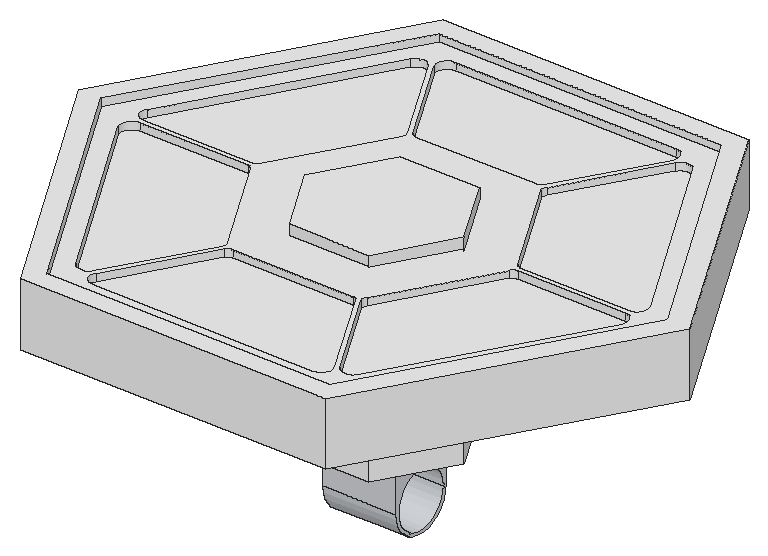
Revit family "Lighting-Industrial-GEWISS-ESALITE-HB-HIGHBAYS-LED_12K_DALI", category Apparecchi per illuminazione, host Superficie, Revit 2019
Family settings
  Host = Superficie
  Quota connettore circolare = Usa diametro
  Tipo di parte = Normale
  Taglio con vuoti quando caricato = No
  Sorgente d'illuminazione = No
  Condiviso = No
  Punto di calcolo locali = Sì
Parameters (values of type "GWS6325GD57K - ESALITE 12K ELL.5700K PLAF+V GR.DALI")
  Weight (kg): = "7,5"
  Warranty = "5 years"
  Voltage- = "220/240 V - 50/60 Hz"
  Versions = "5700K cold light"
  Version file RFA = "20.11"
  VISIBILITA' SIMBOLO [instance] = yes
  VISIBILITA' LAMPADA PIANTA [instance] = not(VISIBILITA' SIMBOLO)  # no
  VISIBILITA' ETICHETTA [instance] = yes
  URL = "https://www.gewiss.com/ww/en"
  Technical sheet = "https://www.gewiss.com/ww/en/search?q=GWS6325GD57K"
  System power = "112W"
  Spostamento_y_effettivo_ET [instance] = 4000 mm - Spostamento_y_ET  # 2119.2 mm
  Spostamento_y_ET [instance] = 1880.8 mm
  Spostamento_X_effettivo_ET [instance] = 4000 mm - Spostamento_X_ET  # 3850.612 mm
  Spostamento_X_ET [instance] = 149.388 mm
  Shock resistance = "IK08"
  Shield type = "Tempered glass"
  SEO = "High bay"
  Realized by GEWISS S.p.A. = ""
  Default Elevation = 1219.2 mm
  Produttore = "GEWISS S.p.A."
  Potenza di sitema = "Wxxx"
  Overvoltage resistance : = "Common mode: 8KV; Differential mode: 6KV"
  Optic = "Elliptical"
  Operating temperature: = "-30 +50 °C"
  Nominal flux (lm) = "15000"
  Modello = "GWS6325GD57K"
  Lumen output (lm) = "11900"
  Life time L90B10 (Tq 50Â°C) = "61000H"
  Life time L90B10 (Tq 25Â°C) = "100000H"
  Lamp- = "LED - Not replaceable"
  LED current. = "0,7A"
  Insulation class = "I"
  Immagine tipo = ESALITE_HB.jpg
  IP degree = "IP66"
  IDT = "d2a2d3dfc1284762950272393a169f1b"
  IDF = "27df9291-4fa5-4157-aec6-67e9a44e4e30"
  Electrocod = "2444"
  Efficiency class of integrated LEDs = "A ÷ A++"
  Driver type = "Driver Led Dali"
  Descrizione = "ESALITE 12K ELL.5700K PLAF+V GR.DALI"
  Colour temperature: = "5700 K (CRI>80)"
  Colour = "Grey RAL 9006"
  Catalogue Range = "ESALITE HB - 12K"
  Catalogue = "LIGHTING"
  COBie.Tagnumber = ""
  COBie.CreatedOn = ""
  COBie.CreatebBy = ""
  COBie.ComponentRegisterItemID = ""
  COBie.Component.TagNumber = ""
  COBie.Component.Space = ""
  COBie.Component.SerialNumber = ""
  COBie.Component.InstallationDate = ""
  COBie.Component.Description = ""
  COBie.Component.BarCode = ""
  Application = "Indoor / Outdoor"
Types (25, lengths in mm): name | Versions | Technical sheet | Shock resistance | Shield type | Optic | Nominal flux (lm) | Modello | Lumen output (lm) | IP degree | IDT | Descrizione | Colour temperature: | Application
  (no name) | "5700K cold light" | "https://www.gewiss.com/ww/en/search?q=GWS6325GD57K" | "IK08" | "Tempered glass" | "Elliptical" | "15000" | "GWS6325GD57K" | "11900" | "IP66" | "d2a2d3dfc1284762950272393a169f1b" | "ESALITE 12K ELL.5700K PLAF+V GR.DALI" | "5700 K (CRI>80)" | "Indoor / Outdoor"
  GWS6022GD - ESALITE 12K 30° 4000K PLAF.GR.DALI | "4000K natural light" | "https://www.gewiss.com/ww/en/search?q=GWS6022GD" | "IK06" | "Plastic" | "30°" | "15000" | "GWS6022GD" | "12700" | "IP65" | "35b3cf4b197f43218aa022e5f522abfe" | "ESALITE 12K 30° 4000K PLAF.GR.DALI" | "4000 K (CRI>80)" | "Internal"
  GWS6022GD30K - ESALITE 12K 30° 3000K PLAF.GR.DALI | "3000K warm light" | "https://www.gewiss.com/ww/en/search?q=GWS6022GD30K" | "IK06" | "Plastic" | "30°" | "14000" | "GWS6022GD30K" | "11800" | "IP65" | "d9dabff4fe354637b428eef978409a19" | "ESALITE 12K 30° 3000K PLAF.GR.DALI" | "3000 K (CRI>80)" | "Internal"
  GWS6022GD57K - ESALITE 12K 30° 5700K PLAF.GR.DALI | "5700K cold light" | "https://www.gewiss.com/ww/en/search?q=GWS6022GD57K" | "IK06" | "Plastic" | "30°" | "15000" | "GWS6022GD57K" | "12700" | "IP65" | "250b75d768914a3a877e7a7345f21ac5" | "ESALITE 12K 30° 5700K PLAF.GR.DALI" | "5700 K (CRI>80)" | "Internal"
  GWS6023GD - ESALITE 12K 60° 4000K PLAF.GR.DALI | "4000K natural light" | "https://www.gewiss.com/ww/en/search?q=GWS6023GD" | "IK06" | "Plastic" | "60°" | "15000" | "GWS6023GD" | "12900" | "IP65" | "a29d7323ae0e4980a59da40686718188" | "ESALITE 12K 60° 4000K PLAF.GR.DALI" | "4000 K (CRI>80)" | "Internal"
  GWS6023GD30K - ESALITE 12K 60° 3000K PLAF.GR.DALI | "3000K warm light" | "https://www.gewiss.com/ww/en/search?q=GWS6023GD30K" | "IK06" | "Plastic" | "60°" | "14000" | "GWS6023GD30K" | "12000" | "IP65" | "3c9c3b9704d648ec95ec8e39f1ca697b" | "ESALITE 12K 60° 3000K PLAF.GR.DALI" | "3000 K (CRI>80)" | "Internal"
  GWS6023GD57K - ESALITE 12K 60° 5700K PLAF.GR.DALI | "5700K cold light" | "https://www.gewiss.com/ww/en/search?q=GWS6023GD57K" | "IK06" | "Plastic" | "60°" | "15000" | "GWS6023GD57K" | "12900" | "IP65" | "29016f5b746f49908b1169b1b3ad188b" | "ESALITE 12K 60° 5700K PLAF.GR.DALI" | "5700 K (CRI>80)" | "Internal"
  GWS6024GD - ESALITE 12K 90° 4000K PLAF.GR.DALI | "4000K natural light" | "https://www.gewiss.com/ww/en/search?q=GWS6024GD" | "IK06" | "Plastic" | "90°" | "15000" | "GWS6024GD" | "13700" | "IP65" | "7b6ded07cde44c9ea3f06fae6809de86" | "ESALITE 12K 90° 4000K PLAF.GR.DALI" | "4000 K (CRI>80)" | "Internal"
  GWS6024GD30K - ESALITE 12K 90° 3000K PLAF.GR.DALI | "3000K warm light" | "https://www.gewiss.com/ww/en/search?q=GWS6024GD30K" | "IK06" | "Plastic" | "90°" | "14000" | "GWS6024GD30K" | "12800" | "IP65" | "6ae77283cf3f4ccfbb661844f8ea5737" | "ESALITE 12K 90° 3000K PLAF.GR.DALI" | "3000 K (CRI>80)" | "Internal"
  GWS6024GD57K - ESALITE 12K 90° 5700K PLAF.GR.DALI | "5700K cold light" | "https://www.gewiss.com/ww/en/search?q=GWS6024GD57K" | "IK06" | "Plastic" | "90°" | "15000" | "GWS6024GD57K" | "13700" | "IP65" | "a9e46dc92eaf4a0dbec7e9181be0d6c7" | "ESALITE 12K 90° 5700K PLAF.GR.DALI" | "5700 K (CRI>80)" | "Internal"
  GWS6025GD - ESALITE 12K ELL.4000K PLAF.GR.DALI | "4000K natural light" | "https://www.gewiss.com/ww/en/search?q=GWS6025GD" | "IK06" | "Plastic" | "Elliptical" | "15000" | "GWS6025GD" | "12900" | "IP65" | "b2f800c1082d4f3492669209874a42bb" | "ESALITE 12K ELL.4000K PLAF.GR.DALI" | "4000 K (CRI>80)" | "Internal"
  GWS6025GD30K - ESALITE 12K ELL.3000K PLAF.GR.DALI | "3000K warm light" | "https://www.gewiss.com/ww/en/search?q=GWS6025GD30K" | "IK06" | "Plastic" | "Elliptical" | "14000" | "GWS6025GD30K" | "12000" | "IP65" | "6270431cdf114224b484530e05ad32b3" | "ESALITE 12K ELL.3000K PLAF.GR.DALI" | "3000 K (CRI>80)" | "Internal"
  GWS6025GD57K - ESALITE 12K ELL.5700K PLAF.GR.DALI | "5700K cold light" | "https://www.gewiss.com/ww/en/search?q=GWS6025GD57K" | "IK06" | "Plastic" | "Elliptical" | "15000" | "GWS6025GD57K" | "12900" | "IP65" | "84eac9971497492e92781f631ff72047" | "ESALITE 12K ELL.5700K PLAF.GR.DALI" | "5700 K (CRI>80)" | "Internal"
  GWS6322GD - ESALITE 12K 30° 4000K PLAF+V GR.DALI | "4000K natural light" | "https://www.gewiss.com/ww/en/search?q=GWS6322GD" | "IK08" | "Tempered glass" | "30°" | "15000" | "GWS6322GD" | "11600" | "IP66" | "286c5400690d43b989d03c0f12888485" | "ESALITE 12K 30° 4000K PLAF+V GR.DALI" | "4000 K (CRI>80)" | "Indoor / Outdoor"
  GWS6322GD30K - ESALITE 12K 30° 3000K PLAF+V GR.DALI | "3000K warm light" | "https://www.gewiss.com/ww/en/search?q=GWS6322GD30K" | "IK08" | "Tempered glass" | "30°" | "14000" | "GWS6322GD30K" | "10800" | "IP66" | "9f46472fa7b74f00916ffd5d2fcfe1eb" | "ESALITE 12K 30° 3000K PLAF+V GR.DALI" | "3000 K (CRI>80)" | "Indoor / Outdoor"
  GWS6322GD57K - ESALITE 12K 30° 5700K PLAF+V GR.DALI | "5700K cold light" | "https://www.gewiss.com/ww/en/search?q=GWS6322GD57K" | "IK08" | "Tempered glass" | "30°" | "15000" | "GWS6322GD57K" | "11600" | "IP66" | "f0ed51fe954f4075be4624d5df5070e0" | "ESALITE 12K 30° 5700K PLAF+V GR.DALI" | "5700 K (CRI>80)" | "Indoor / Outdoor"
  GWS6323GD - ESALITE 12K 60° 4000K PLAF+V GR.DALI | "4000K natural light" | "https://www.gewiss.com/ww/en/search?q=GWS6323GD" | "IK08" | "Tempered glass" | "60°" | "15000" | "GWS6323GD" | "11900" | "IP66" | "da79f6129fbc4d5d8e1f04758039e2dd" | "ESALITE 12K 60° 4000K PLAF+V GR.DALI" | "4000 K (CRI>80)" | "Indoor / Outdoor"
  GWS6323GD30K - ESALITE 12K 60° 3000K PLAF+V GR.DALI | "3000K warm light" | "https://www.gewiss.com/ww/en/search?q=GWS6323GD30K" | "IK08" | "Tempered glass" | "60°" | "14000" | "GWS6323GD30K" | "11100" | "IP66" | "64be8db373934211ab47de8d9e88dad0" | "ESALITE 12K 60° 3000K PLAF+V GR.DALI" | "3000 K (CRI>80)" | "Indoor / Outdoor"
  GWS6323GD57K - ESALITE 12K 60° 5700K PLAF+V GR.DALI | "5700K cold light" | "https://www.gewiss.com/ww/en/search?q=GWS6323GD57K" | "IK08" | "Tempered glass" | "60°" | "15000" | "GWS6323GD57K" | "11900" | "IP66" | "b8a45e090a9e4cbd9c2f0cf7f1902321" | "ESALITE 12K 60° 5700K PLAF+V GR.DALI" | "5700 K (CRI>80)" | "Indoor / Outdoor"
  GWS6324GD - ESALITE 12K 90° 4000K PLAF+V GR.DALI | "4000K natural light" | "https://www.gewiss.com/ww/en/search?q=GWS6324GD" | "IK08" | "Tempered glass" | "90°" | "15000" | "GWS6324GD" | "12700" | "IP66" | "56af3f2275354d0290d0cde73c975edc" | "ESALITE 12K 90° 4000K PLAF+V GR.DALI" | "4000 K (CRI>80)" | "Indoor / Outdoor"
  GWS6324GD30K - ESALITE 12K 90° 3000K PLAF+V GR.DALI | "3000K warm light" | "https://www.gewiss.com/ww/en/search?q=GWS6324GD30K" | "IK08" | "Tempered glass" | "90°" | "14000" | "GWS6324GD30K" | "11800" | "IP66" | "f2373e1a56d34de0b6b49f1227ee2fe5" | "ESALITE 12K 90° 3000K PLAF+V GR.DALI" | "3000 K (CRI>80)" | "Indoor / Outdoor"
  GWS6324GD57K - ESALITE 12K 90° 5700K PLAF+V GR.DALI | "5700K cold light" | "https://www.gewiss.com/ww/en/search?q=GWS6324GD57K" | "IK08" | "Tempered glass" | "90°" | "15000" | "GWS6324GD57K" | "12700" | "IP66" | "9431336567a3401daab1b0215021535d" | "ESALITE 12K 90° 5700K PLAF+V GR.DALI" | "5700 K (CRI>80)" | "Indoor / Outdoor"
  GWS6325GD - ESALITE 12K ELL.4000K PLAF+V GR.DALI | "4000K natural light" | "https://www.gewiss.com/ww/en/search?q=GWS6325GD" | "IK08" | "Tempered glass" | "Elliptical" | "15000" | "GWS6325GD" | "11900" | "IP66" | "3d2f8917f2a445ecac5bf7815467f40f" | "ESALITE 12K ELL.4000K PLAF+V GR.DALI" | "4000 K (CRI>80)" | "Indoor / Outdoor"
  GWS6325GD30K - ESALITE 12K ELL.3000K PLAF+V GR.DALI | "3000K warm light" | "https://www.gewiss.com/ww/en/search?q=GWS6325GD30K" | "IK08" | "Tempered glass" | "Elliptical" | "14000" | "GWS6325GD30K" | "11100" | "IP66" | "98483d415e854f22885ef60d311d9135" | "ESALITE 12K ELL.3000K PLAF+V GR.DALI" | "3000 K (CRI>80)" | "Indoor / Outdoor"
  GWS6325GD57K - ESALITE 12K ELL.5700K PLAF+V GR.DALI | "5700K cold light" | "https://www.gewiss.com/ww/en/search?q=GWS6325GD57K" | "IK08" | "Tempered glass" | "Elliptical" | "15000" | "GWS6325GD57K" | "11900" | "IP66" | "d2a2d3dfc1284762950272393a169f1b" | "ESALITE 12K ELL.5700K PLAF+V GR.DALI" | "5700 K (CRI>80)" | "Indoor / Outdoor"
Reference planes
  plane 1 "Centro (Fronte/Retro)": y = 0
  plane 2: z = 0
  plane 3 "Centro (Sinistra/Destra)": x = 0
  plane 4: z = 123
  plane 5: x = 0
  plane 6: x = -3850.612
  plane 7: y = -2119.2
  plane 8: y = 0
  plane 9: through (-1779.2, -702.001, 1219.2) normal (0.4695, 0.8829, 0)
  plane 10: through (203.705, -1575.119, 1219.2) normal (-0.866, 0.5, 0)
  plane 11: x = -217.137
  plane 12: x = 217.137
  plane 13: y = 188.046
  plane 14: y = -188.046
Lines and regions (mm)
  symbolic lines, visible <- "VISIBILITA' LAMPADA PIANTA"
    curve 1: line (-11.642, 188.046, 0) -> (-11.642, 193.046, 0)
    curve 2: line (96.926, 188.046, 0) -> (-120.211, 188.046, 0)
    curve 3: line (-120.211, 188.046, 0) -> (-228.779, 0, 0)
    curve 4: line (-228.779, 0, 0) -> (-120.211, -188.046, 0)
    curve 5: line (-120.211, -188.046, 0) -> (96.926, -188.046, 0)
    curve 6: line (96.926, -188.046, 0) -> (205.494, 0, 0)
    curve 7: line (205.494, 0, 0) -> (96.926, 188.046, 0)
    curve 8: line (-112.377, 174.478, 0) -> (89.093, 174.478, 0)
    curve 9: line (89.093, 174.478, 0) -> (189.827, 0, 0)
    curve 10: line (189.827, 0, 0) -> (89.093, -174.478, 0)
    curve 11: line (89.093, -174.478, 0) -> (-112.377, -174.478, 0)
    curve 12: line (-112.377, -174.478, 0) -> (-213.112, 0, 0)
    curve 13: line (-213.112, 0, 0) -> (-112.377, 174.478, 0)
    curve 14: line (-90.152, 161.48, 0) -> (66.867, 161.48, 0)
    curve 15: arc (66.867, 161.48, 0) -> (73.365, 157.725, 0) -> (73.355, 150.22, 0) r 7.499
    curve 16: line (73.355, 150.22, 0) -> (35.117, 83.99, 0)
    curve 17: arc (35.117, 83.99, 0) -> (33.287, 82.16, 0) -> (30.788, 81.49, 0) r 4.999
    curve 18: line (30.788, 81.49, 0) -> (-54.072, 81.49, 0)
    curve 19: arc (-54.072, 81.49, 0) -> (-56.572, 82.16, 0) -> (-58.402, 83.99, 0) r 4.999
    curve 20: line (-58.402, 83.99, 0) -> (-96.653, 150.242, 0)
    curve 21: arc (-96.653, 150.242, 0) -> (-96.643, 157.736, 0) -> (-90.152, 161.48, 0) r 7.499
    curve 22: line (-190.736, 12.76, 0) -> (-112.239, 148.72, 0)
    curve 23: arc (-112.239, 148.72, 0) -> (-105.751, 152.481, 0) -> (-99.25, 148.742, 0) r 7.499
    curve 24: line (-99.25, 148.742, 0) -> (-61.001, 82.492, 0)
    curve 25: arc (-61.001, 82.492, 0) -> (-60.33, 79.991, 0) -> (-61, 77.49, 0) r 4.999
    curve 26: line (-61, 77.49, 0) -> (-103.429, 4, 0)
    curve 27: arc (-103.429, 4, 0) -> (-105.259, 2.17, 0) -> (-107.759, 1.5, 0) r 4.999
    curve 28: line (-107.759, 1.5, 0) -> (-184.248, 1.5, 0)
    curve 29: arc (-184.248, 1.5, 0) -> (-190.746, 5.255, 0) -> (-190.736, 12.76, 0) r 7.499
    curve 30: line (-190.749, -12.737, 0) -> (-112.227, -148.742, 0)
    curve 31: arc (-112.227, -148.742, 0) -> (-105.738, -152.48, 0) -> (-99.25, -148.742, 0) r 7.499
    curve 32: line (-99.25, -148.742, 0) -> (-61, -82.489, 0)
    curve 33: arc (-61, -82.489, 0) -> (-60.33, -79.99, 0) -> (-61, -77.49, 0) r 4.999
    curve 34: line (-61, -77.49, 0) -> (-103.429, -3.999, 0)
    curve 35: arc (-103.429, -3.999, 0) -> (-105.259, -2.169, 0) -> (-107.759, -1.5, 0) r 4.999
    curve 36: line (-107.759, -1.5, 0) -> (-184.248, -1.5, 0)
    curve 37: arc (-184.248, -1.5, 0) -> (-190.739, -5.244, 0) -> (-190.749, -12.737, 0) r 7.499
    curve 38: line (66.867, -161.479, 0) -> (-90.152, -161.479, 0)
    curve 39: arc (-90.152, -161.479, 0) -> (-96.643, -157.735, 0) -> (-96.653, -150.242, 0) r 7.499
    curve 40: line (-96.653, -150.242, 0) -> (-58.402, -83.989, 0)
    curve 41: arc (-58.402, -83.989, 0) -> (-56.572, -82.159, 0) -> (-54.072, -81.489, 0) r 4.999
    curve 42: line (-54.072, -81.489, 0) -> (30.788, -81.489, 0)
    curve 43: arc (30.788, -81.489, 0) -> (33.287, -82.159, 0) -> (35.117, -83.989, 0) r 4.999
    curve 44: line (35.117, -83.989, 0) -> (73.355, -150.22, 0)
    curve 45: arc (73.355, -150.22, 0) -> (73.365, -157.724, 0) -> (66.867, -161.479, 0) r 7.499
    curve 46: line (80.145, -3.999, 0) -> (37.715, -77.49, 0)
    curve 47: arc (37.715, -77.49, 0) -> (37.045, -79.99, 0) -> (37.715, -82.489, 0) r 4.999
    curve 48: line (37.715, -82.489, 0) -> (75.966, -148.742, 0)
    curve 49: arc (75.966, -148.742, 0) -> (82.467, -152.48, 0) -> (88.955, -148.72, 0) r 7.499
    curve 50: line (88.955, -148.72, 0) -> (167.452, -12.759, 0)
    curve 51: arc (167.452, -12.759, 0) -> (167.461, -5.255, 0) -> (160.964, -1.5, 0) r 7.499
    curve 52: line (160.964, -1.5, 0) -> (84.474, -1.5, 0)
    curve 53: arc (84.474, -1.5, 0) -> (81.975, -2.169, 0) -> (80.145, -3.999, 0) r 4.999
    curve 54: line (80.145, 4, 0) -> (37.715, 77.49, 0)
    curve 55: arc (37.715, 77.49, 0) -> (37.045, 79.99, 0) -> (37.715, 82.49, 0) r 4.999
    curve 56: line (37.715, 82.49, 0) -> (75.966, 148.742, 0)
    curve 57: arc (75.966, 148.742, 0) -> (82.467, 152.481, 0) -> (88.955, 148.72, 0) r 7.499
    curve 58: line (88.955, 148.72, 0) -> (167.452, 12.76, 0)
    curve 59: arc (167.452, 12.76, 0) -> (167.461, 5.255, 0) -> (160.964, 1.5, 0) r 7.499
    curve 60: line (160.964, 1.5, 0) -> (84.474, 1.5, 0)
    curve 61: arc (84.474, 1.5, 0) -> (81.975, 2.17, 0) -> (80.145, 4, 0) r 4.999
    curve 123: line (-217.137, 0, 152.205) -> (217.137, 0, 152.205)
    curve 124: line (-217.137, 0, 197.205) -> (217.137, 0, 197.205)
    curve 125: line (-217.137, 0, 152.205) -> (-217.137, 0, 197.205)
    curve 126: line (-56.644, 0, 55) -> (-56.644, 0, 152.205)
    curve 127: line (-56.644, 0, 55) -> (56.76, 0, 55)
    curve 128: line (-26.009, 0, 55) -> (-26.009, 0, 0)
    curve 129: line (26.009, 0, 0) -> (-26.009, 0, 0)
    curve 130: line (26.009, 0, 0) -> (26.009, 0, 55)
    curve 131: line (56.76, 0, 55) -> (56.76, 0, 152.205)
    curve 132: line (217.137, 0, 197.205) -> (217.137, 0, 152.205)
  symbolic lines, visible <- "VISIBILITA' LAMPADA PIANTA", not visible
    curve 62: line (577.792, 610.713, 0) -> (577.792, 615.713, 0)
    curve 63: line (686.361, 610.713, 0) -> (469.224, 610.713, 0)
    curve 64: line (469.224, 610.713, 0) -> (360.656, 422.667, 0)
    curve 65: line (360.656, 422.667, 0) -> (469.224, 234.621, 0)
    curve 66: line (469.224, 234.621, 0) -> (686.361, 234.621, 0)
    curve 67: line (686.361, 234.621, 0) -> (794.929, 422.667, 0)
    curve 68: line (794.929, 422.667, 0) -> (686.361, 610.713, 0)
    curve 69: line (477.058, 597.145, 0) -> (678.527, 597.145, 0)
    curve 70: line (678.527, 597.145, 0) -> (779.262, 422.667, 0)
    curve 71: line (779.262, 422.667, 0) -> (678.527, 248.189, 0)
    curve 72: line (678.527, 248.189, 0) -> (477.058, 248.189, 0)
    curve 73: line (477.058, 248.189, 0) -> (376.323, 422.667, 0)
    curve 74: line (376.323, 422.667, 0) -> (477.058, 597.145, 0)
    curve 75: line (499.283, 584.146, 0) -> (656.302, 584.146, 0)
    curve 76: arc (656.302, 584.146, 0) -> (662.8, 580.391, 0) -> (662.79, 572.887, 0) r 7.499
    curve 77: line (662.79, 572.887, 0) -> (624.552, 506.656, 0)
    curve 78: arc (624.552, 506.656, 0) -> (622.722, 504.826, 0) -> (620.222, 504.156, 0) r 4.999
    curve 79: line (620.222, 504.156, 0) -> (535.363, 504.156, 0)
    curve 80: arc (535.363, 504.156, 0) -> (532.863, 504.826, 0) -> (531.033, 506.656, 0) r 4.999
    curve 81: line (531.033, 506.656, 0) -> (492.782, 572.909, 0)
    curve 82: arc (492.782, 572.909, 0) -> (492.792, 580.402, 0) -> (499.283, 584.146, 0) r 7.499
    curve 83: line (398.699, 435.426, 0) -> (477.196, 571.387, 0)
    curve 84: arc (477.196, 571.387, 0) -> (483.684, 575.147, 0) -> (490.184, 571.409, 0) r 7.499
    curve 85: line (490.184, 571.409, 0) -> (528.434, 505.158, 0)
    curve 86: arc (528.434, 505.158, 0) -> (529.105, 502.658, 0) -> (528.435, 500.157, 0) r 4.999
    curve 87: line (528.435, 500.157, 0) -> (486.005, 426.666, 0)
    curve 88: arc (486.005, 426.666, 0) -> (484.176, 424.836, 0) -> (481.676, 424.166, 0) r 4.999
    curve 89: line (481.676, 424.166, 0) -> (405.187, 424.166, 0)
    curve 90: arc (405.187, 424.166, 0) -> (398.689, 427.921, 0) -> (398.699, 435.426, 0) r 7.499
    curve 91: line (398.686, 409.929, 0) -> (477.208, 273.925, 0)
    curve 92: arc (477.208, 273.925, 0) -> (483.696, 270.186, 0) -> (490.184, 273.925, 0) r 7.499
    curve 93: line (490.184, 273.925, 0) -> (528.435, 340.177, 0)
    curve 94: arc (528.435, 340.177, 0) -> (529.105, 342.677, 0) -> (528.435, 345.176, 0) r 4.999
    curve 95: line (528.435, 345.176, 0) -> (486.005, 418.667, 0)
    curve 96: arc (486.005, 418.667, 0) -> (484.176, 420.497, 0) -> (481.676, 421.167, 0) r 4.999
    curve 97: line (481.676, 421.167, 0) -> (405.187, 421.167, 0)
    curve 98: arc (405.187, 421.167, 0) -> (398.695, 417.423, 0) -> (398.686, 409.929, 0) r 7.499
    curve 99: line (656.302, 261.187, 0) -> (499.283, 261.187, 0)
    curve 100: arc (499.283, 261.187, 0) -> (492.792, 264.931, 0) -> (492.782, 272.425, 0) r 7.499
    curve 101: line (492.782, 272.425, 0) -> (531.033, 338.677, 0)
    curve 102: arc (531.033, 338.677, 0) -> (532.863, 340.507, 0) -> (535.363, 341.177, 0) r 4.999
    curve 103: line (535.363, 341.177, 0) -> (620.222, 341.177, 0)
    curve 104: arc (620.222, 341.177, 0) -> (622.722, 340.507, 0) -> (624.552, 338.677, 0) r 4.999
    curve 105: line (624.552, 338.677, 0) -> (662.79, 272.447, 0)
    curve 106: arc (662.79, 272.447, 0) -> (662.8, 264.942, 0) -> (656.302, 261.187, 0) r 7.499
    curve 107: line (669.58, 418.667, 0) -> (627.15, 345.176, 0)
    curve 108: arc (627.15, 345.176, 0) -> (626.48, 342.677, 0) -> (627.15, 340.177, 0) r 4.999
    curve 109: line (627.15, 340.177, 0) -> (665.401, 273.925, 0)
    curve 110: arc (665.401, 273.925, 0) -> (671.901, 270.186, 0) -> (678.389, 273.946, 0) r 7.499
    curve 111: line (678.389, 273.946, 0) -> (756.886, 409.907, 0)
    curve 112: arc (756.886, 409.907, 0) -> (756.896, 417.412, 0) -> (750.398, 421.167, 0) r 7.499
    curve 113: line (750.398, 421.167, 0) -> (673.909, 421.167, 0)
    curve 114: arc (673.909, 421.167, 0) -> (671.409, 420.497, 0) -> (669.58, 418.667, 0) r 4.999
    curve 115: line (669.58, 426.666, 0) -> (627.15, 500.157, 0)
    curve 116: arc (627.15, 500.157, 0) -> (626.48, 502.657, 0) -> (627.15, 505.156, 0) r 4.999
    curve 117: line (627.15, 505.156, 0) -> (665.401, 571.409, 0)
    curve 118: arc (665.401, 571.409, 0) -> (671.901, 575.147, 0) -> (678.389, 571.387, 0) r 7.499
    curve 119: line (678.389, 571.387, 0) -> (756.886, 435.426, 0)
    curve 120: arc (756.886, 435.426, 0) -> (756.896, 427.921, 0) -> (750.398, 424.166, 0) r 7.499
    curve 121: line (750.398, 424.166, 0) -> (673.909, 424.166, 0)
    curve 122: arc (673.909, 424.166, 0) -> (671.409, 424.836, 0) -> (669.58, 426.666, 0) r 4.999
Text (mm)
  text "B-A=C" at (-2005.323, -1167.131, 0), in view "Livello rif."
  text "D+A-C=B" at (1746.792, 582.509, 0), in view "Livello rif."
Dimensions and locks
  "Spostamento_X_effettivo_ET": plane 6 to plane 5
  plane 6 to plane 3 "Centro (Sinistra/Destra)" = 3850.612 mm
  "Spostamento_y_effettivo_ET": plane 8 to plane 7
  plane 1 "Centro (Fronte/Retro)" to plane 7 = 2119.2 mm
  plane 11 to plane 12 = 434.273 mm
  plane 13 to plane 14 = 376.092 mm
  angle plane 9 to plane 7 = 28.00°
  angle plane 7 to plane 6 = 90.00°
  aligned and locked: plane 2 to host face
  aligned and locked: level to host face
  aligned and locked: plane 5 to nested 1
  aligned and locked: nested 1 to plane 8
  aligned and locked: plane 5 to nested 3
Automatic sketch dimensions
  host sketch curve to host sketch curve = 2438.4 mm  (x2)
  curve 123 to plane 11 = 0 mm
  curve 132 to plane 12 = 0 mm
  curve 126 to plane 3 "Centro (Sinistra/Destra)" = 56.644 mm
  plane 3 "Centro (Sinistra/Destra)" to curve 127 = 56.76 mm
  level to curve 131 = 55 mm
  curve 125 to plane 4 = 29.205 mm
  curve 123 to curve 124 = 45 mm
  curve 128 to plane 3 "Centro (Sinistra/Destra)" = 26.009 mm
  curve 130 to level = 0 mm
  plane 3 "Centro (Sinistra/Destra)" to curve 130 = 26.009 mm
Nested families
  nested 1: "etichetta Potenza Lampada" at (0, 0, 0), visible <- "VISIBILITA' ETICHETTA", type "etichetta Potenza Lampada"
  nested 2: "xESALITE HB 12K SOSPENSIONE_base" at (0, 0, 0), type "xESALITE HB 12K SOSPENSIONE_base"
  nested 3: "esalight hb simb" at (0, 0, 0), visible <- "VISIBILITA' SIMBOLO", type "esalight hb simb"
  nested 4: "esalight hb simb" at (0, 0, 90) x (1, 0, 0) z (0, -1, 0), visible <- "VISIBILITA' SIMBOLO", type "esalight hb simb"
Definition of nested family "xESALITE HB 12K SOSPENSIONE_base"
  Parameters (values of type "Tipo 1")
    Schermatura interna = none
    LED = none
    Corpo luce = none
  Types (2): name
    Tipo 1
    xESALITE HB 12K SOSPENSIONE_base
  Reference planes
    plane 1 "Centro (Fronte/Retro)": y = 0
    plane 2: z = 0
    plane 3 "Centro (Sinistra/Destra)": x = 0
    plane 4: x = -145.163
    plane 5: x = 145.28
    plane 6: y = 126.226
    plane 7: y = -125.856
    plane 8: y = 55.469
    plane 9: y = -55.099
    plane 10: x = -63.671
    plane 11: x = 63.788
    plane 12: y = -123.856
    plane 13: y = 124.226
    plane 14: y = -112.535
    plane 15: y = 112.905
    plane 16: y = -22
    plane 17: y = 22
    plane 18: y = -108.017
    plane 19: y = 108.387
    plane 20: through (-28.293, 49.29, 1200) normal (0.866, -0.5, 0)
    plane 21: y = 49.29
    plane 22: through (28.409, 49.29, 1200) normal (0.866, 0.5, 0)
    plane 23: through (28.409, -48.92, 1200) normal (-0.866, 0.5, 0)
    plane 24: y = -48.92
    plane 25: through (-56.644, 0.185, 1200) normal (0.866, 0.5, 0)
    plane 26: through (-31.86, 55.469, 1200) normal (0.866, -0.5, 0)
    plane 27: through (-63.778, 0.185, 1200) normal (0.866, 0.5, 0)
    plane 28: y = -55.099
    plane 29: through (63.894, 0.185, 1200) normal (0.866, -0.5, 0)
    plane 30: through (63.894, 0.185, 1200) normal (-0.866, -0.5, 0)
    plane 31: y = 55.469
    plane 32: z = 123.439
    plane 33: through (-65.51, 1.185, 1200) normal (-0.866, 0.5, 0)
    plane 34: through (-33.592, -56.099, 1200) normal (-0.866, -0.5, 0)
    plane 35: through (-65.51, 1.185, 1200) normal (-0.866, 0.5, 0)
    plane 36: y = 57.469
    plane 37: through (33.708, 56.469, 1200) normal (0.866, 0.5, 0)
    plane 38: through (65.626, -0.815, 1200) normal (0.866, -0.5, 0)
    plane 39: y = -57.099
    plane 40: y = -1
    plane 41: y = 1
    plane 42: x = -1
    plane 43: x = 0
    plane 44: y = 105.387
    plane 45: y = -105.017
    plane 46: z = 130
    plane 47: y = -103.017
    plane 48: y = 103.387
    plane 49: x = 1
    plane 50: through (-108.857, 187.546, 1200) normal (0.866, -0.5, 0)
    plane 51: y = 188.046
    plane 52: y = 174.478
    plane 53: through (-101.456, 173.228, 1200) normal (0.866, -0.5, 0)
    plane 54: through (-216.848, -0.5, 1200) normal (0.866, 0.5, 0)
    plane 55: through (-200.748, -1.25, 1200) normal (0.866, 0.5, 0)
    plane 56: y = -188.046
    plane 57: y = -174.478
    plane 58: y = 188.046
    plane 59: y = 174.478
    plane 60: through (200.748, 1.25, 1200) normal (-0.866, -0.5, 0)
    plane 61: through (216.848, 0.5, 1200) normal (-0.866, -0.5, 0)
    plane 62: through (108.857, -187.546, 1200) normal (-0.866, 0.5, 0)
    plane 63: through (101.456, -173.228, 1200) normal (-0.866, 0.5, 0)
    plane 64: z = 89
    plane 65: z = 134
    plane 66: z = 108.133
    plane 67: z = 123.439
    plane 68: z = 117.439
    plane 69: z = 128.439
    plane 70: z = 27.205
    plane 71: z = 152.205
    plane 72: z = 197.205
    plane 73: z = 199.205
    plane 74: z = 192.205
    plane 75: z = 182.205
    plane 76: z = 187.205
    plane 77: z = 184.113
  Forms (mm)
    Extrusion 1, solid, material <- "Corpo luce"
      sketch origin (0, 0, 0) x (1, 0, 0) y (0, 1, 0)
        loop
          line (-28.293, 49.29) -> (-56.644, 0.185) -> (-28.293, -48.92) -> (28.409, -48.92) -> (56.76, 0.185) -> (28.409, 49.29) -> (-28.293, 49.29)
      from 199.205 to 55
    Extrusion 2, solid
      sketch origin (0, 0, 0) x (0, 1, 0) y (0, 0, 1)
        loop
          arc (-22, 21.411) -> (0, -0.589) -> (22, 21.411) r 22
          line (22, 21.411) -> (22, 55) -> (-22, 55) -> (-22, 21.411)
        loop
          circle (0, 21.411) r 20
      from -26.009 to 26.009
    Extrusion 3, solid, material <- "Corpo luce"
      sketch origin (0, 0, 0) x (1, 0, 0) y (0, 1, 0)
        loop
          line (108.568, -188.046) -> (217.137, 0) -> (108.568, 188.046) -> (-108.568, 188.046) -> (-217.137, 0) -> (-108.568, -188.046) -> (108.568, -188.046)
        loop
          line (100.735, -174.478) -> (201.47, 0) -> (100.735, 174.478) -> (-100.735, 174.478) -> (-201.47, 0) -> (-100.735, -174.478) -> (100.735, -174.478)
      from 152.205 to 197.205
    Extrusion 4, solid, material <- "Corpo luce"
      sketch origin (0, 0, 0) x (1, 0, 0) y (0, 1, 0)
        loop
          line (-201.47, 0) -> (-100.735, -174.478) -> (100.735, -174.478) -> (201.47, 0) -> (100.735, 174.478) -> (-100.735, 174.478) -> (-201.47, 0)
        loop
          line (-28.293, 49.29) -> (-56.644, 0.185) -> (-28.293, -48.92) -> (28.409, -48.92) -> (56.76, 0.185) -> (28.409, 49.29) -> (-28.293, 49.29)
      from 182.205 to 192.205
    Extrusion 5, void
      sketch origin (0, 0, 0) x (1, 0, 0) y (0, 1, 0)
        loop
          line (-100.597, 148.72) -> (-179.094, 12.76)
          arc (-179.094, 12.76) -> (-179.103, 5.255) -> (-172.606, 1.5) r 7.499
          line (-172.606, 1.5) -> (-96.117, 1.5)
          arc (-96.117, 1.5) -> (-93.617, 2.17) -> (-91.787, 4) r 4.999
          line (-91.787, 4) -> (-49.357, 77.49)
          arc (-49.357, 77.49) -> (-48.687, 79.99) -> (-49.357, 82.49) r 4.999
          line (-49.357, 82.49) -> (-87.608, 148.742)
          arc (-87.608, 148.742) -> (-94.109, 152.481) -> (-100.597, 148.72) r 7.499
        loop
          line (78.51, 161.48) -> (-78.51, 161.48)
          arc (-78.51, 161.48) -> (-85.001, 157.736) -> (-85.01, 150.242) r 7.499
          line (-85.01, 150.242) -> (-46.759, 83.99)
          arc (-46.759, 83.99) -> (-44.93, 82.16) -> (-42.43, 81.49) r 4.999
          line (-42.43, 81.49) -> (42.43, 81.49)
          arc (42.43, 81.49) -> (44.93, 82.16) -> (46.759, 83.99) r 4.999
          line (46.759, 83.99) -> (84.998, 150.22)
          arc (84.998, 150.22) -> (85.007, 157.725) -> (78.51, 161.48) r 7.499
        loop
          arc (49.357, 82.49) -> (48.687, 79.99) -> (49.357, 77.49) r 4.999
          line (49.357, 77.49) -> (91.787, 4)
          arc (91.787, 4) -> (93.617, 2.17) -> (96.117, 1.5) r 4.999
          line (96.117, 1.5) -> (172.606, 1.5)
          arc (172.606, 1.5) -> (179.103, 5.255) -> (179.094, 12.76) r 7.499
          line (179.094, 12.76) -> (100.597, 148.72)
          arc (100.597, 148.72) -> (94.109, 152.481) -> (87.608, 148.742) r 7.499
          line (87.608, 148.742) -> (49.357, 82.49)
        loop
          line (49.357, -82.489) -> (87.608, -148.742)
          arc (87.608, -148.742) -> (94.109, -152.48) -> (100.597, -148.72) r 7.499
          line (100.597, -148.72) -> (179.094, -12.759)
          arc (179.094, -12.759) -> (179.103, -5.255) -> (172.606, -1.5) r 7.499
          line (172.606, -1.5) -> (96.117, -1.5)
          arc (96.117, -1.5) -> (93.617, -2.169) -> (91.787, -3.999) r 4.999
          line (91.787, -3.999) -> (49.357, -77.49)
          arc (49.357, -77.49) -> (48.687, -79.99) -> (49.357, -82.489) r 4.999
        loop
          arc (-42.43, -81.489) -> (-44.93, -82.159) -> (-46.759, -83.989) r 4.999
          line (-46.759, -83.989) -> (-85.01, -150.242)
          arc (-85.01, -150.242) -> (-85.001, -157.735) -> (-78.51, -161.479) r 7.499
          line (-78.51, -161.479) -> (78.51, -161.479)
          arc (78.51, -161.479) -> (85.007, -157.724) -> (84.998, -150.22) r 7.499
          line (84.998, -150.22) -> (46.759, -83.989)
          arc (46.759, -83.989) -> (44.93, -82.159) -> (42.43, -81.489) r 4.999
          line (42.43, -81.489) -> (-42.43, -81.489)
        loop
          arc (-91.787, -3.999) -> (-93.617, -2.169) -> (-96.117, -1.5) r 4.999
          line (-96.117, -1.5) -> (-172.606, -1.5)
          arc (-172.606, -1.5) -> (-179.097, -5.244) -> (-179.107, -12.737) r 7.499
          line (-179.107, -12.737) -> (-100.584, -148.742)
          arc (-100.584, -148.742) -> (-94.096, -152.48) -> (-87.608, -148.742) r 7.499
          line (-87.608, -148.742) -> (-49.357, -82.489)
          arc (-49.357, -82.489) -> (-48.687, -79.99) -> (-49.357, -77.49) r 4.999
          line (-49.357, -77.49) -> (-91.787, -3.999)
      from 187.205 to 192.205
  Cuts and joins
    Extrusion 5 cuts Extrusion 4
  Lines and regions (mm)
    symbolic lines, not visible
      curve 1: line (0, 188.046, 0) -> (0, 193.046, 0)
      curve 2: line (108.568, 188.046, 0) -> (-108.568, 188.046, 0)
      curve 3: line (-108.568, 188.046, 0) -> (-217.137, 0, 0)
      curve 4: line (-217.137, 0, 0) -> (-108.568, -188.046, 0)
      curve 5: line (-108.568, -188.046, 0) -> (108.568, -188.046, 0)
      curve 6: line (108.568, -188.046, 0) -> (217.137, 0, 0)
      curve 7: line (217.137, 0, 0) -> (108.568, 188.046, 0)
      curve 8: line (-100.735, 174.478, 0) -> (100.735, 174.478, 0)
      curve 9: line (100.735, 174.478, 0) -> (201.47, 0, 0)
      curve 10: line (201.47, 0, 0) -> (100.735, -174.478, 0)
      curve 11: line (100.735, -174.478, 0) -> (-100.735, -174.478, 0)
      curve 12: line (-100.735, -174.478, 0) -> (-201.47, 0, 0)
      curve 13: line (-201.47, 0, 0) -> (-100.735, 174.478, 0)
      curve 14: line (-78.51, 161.48, 0) -> (78.51, 161.48, 0)
      curve 15: arc (78.51, 161.48, 0) -> (85.007, 157.725, 0) -> (84.998, 150.22, 0) r 7.499
      curve 16: line (84.998, 150.22, 0) -> (46.759, 83.99, 0)
      curve 17: arc (46.759, 83.99, 0) -> (44.93, 82.16, 0) -> (42.43, 81.49, 0) r 4.999
      curve 18: line (42.43, 81.49, 0) -> (-42.43, 81.49, 0)
      curve 19: arc (-42.43, 81.49, 0) -> (-44.93, 82.16, 0) -> (-46.759, 83.99, 0) r 4.999
      curve 20: line (-46.759, 83.99, 0) -> (-85.01, 150.242, 0)
      curve 21: arc (-85.01, 150.242, 0) -> (-85.001, 157.736, 0) -> (-78.51, 161.48, 0) r 7.499
      curve 22: line (-179.094, 12.76, 0) -> (-100.597, 148.72, 0)
      curve 23: arc (-100.597, 148.72, 0) -> (-94.109, 152.481, 0) -> (-87.608, 148.742, 0) r 7.499
      curve 24: line (-87.608, 148.742, 0) -> (-49.357, 82.49, 0)
      curve 25: arc (-49.357, 82.49, 0) -> (-48.687, 79.99, 0) -> (-49.357, 77.49, 0) r 4.999
      curve 26: line (-49.357, 77.49, 0) -> (-91.787, 4, 0)
      curve 27: arc (-91.787, 4, 0) -> (-93.617, 2.17, 0) -> (-96.117, 1.5, 0) r 4.999
      curve 28: line (-96.117, 1.5, 0) -> (-172.606, 1.5, 0)
      curve 29: arc (-172.606, 1.5, 0) -> (-179.103, 5.255, 0) -> (-179.094, 12.76, 0) r 7.499
      curve 30: line (-179.107, -12.737, 0) -> (-100.584, -148.742, 0)
      curve 31: arc (-100.584, -148.742, 0) -> (-94.096, -152.48, 0) -> (-87.608, -148.742, 0) r 7.499
      curve 32: line (-87.608, -148.742, 0) -> (-49.357, -82.489, 0)
      curve 33: arc (-49.357, -82.489, 0) -> (-48.687, -79.99, 0) -> (-49.357, -77.49, 0) r 4.999
      curve 34: line (-49.357, -77.49, 0) -> (-91.787, -3.999, 0)
      curve 35: arc (-91.787, -3.999, 0) -> (-93.617, -2.169, 0) -> (-96.117, -1.5, 0) r 4.999
      curve 36: line (-96.117, -1.5, 0) -> (-172.606, -1.5, 0)
      curve 37: arc (-172.606, -1.5, 0) -> (-179.097, -5.244, 0) -> (-179.107, -12.737, 0) r 7.499
      curve 38: line (78.51, -161.479, 0) -> (-78.51, -161.479, 0)
      curve 39: arc (-78.51, -161.479, 0) -> (-85.001, -157.735, 0) -> (-85.01, -150.242, 0) r 7.499
      curve 40: line (-85.01, -150.242, 0) -> (-46.759, -83.989, 0)
      curve 41: arc (-46.759, -83.989, 0) -> (-44.93, -82.159, 0) -> (-42.43, -81.489, 0) r 4.999
      curve 42: line (-42.43, -81.489, 0) -> (42.43, -81.489, 0)
      curve 43: arc (42.43, -81.489, 0) -> (44.93, -82.159, 0) -> (46.759, -83.989, 0) r 4.999
      curve 44: line (46.759, -83.989, 0) -> (84.998, -150.22, 0)
      curve 45: arc (84.998, -150.22, 0) -> (85.007, -157.724, 0) -> (78.51, -161.479, 0) r 7.499
      curve 46: line (91.787, -3.999, 0) -> (49.357, -77.49, 0)
      curve 47: arc (49.357, -77.49, 0) -> (48.687, -79.99, 0) -> (49.357, -82.489, 0) r 4.999
      curve 48: line (49.357, -82.489, 0) -> (87.608, -148.742, 0)
      curve 49: arc (87.608, -148.742, 0) -> (94.109, -152.48, 0) -> (100.597, -148.72, 0) r 7.499
      curve 50: line (100.597, -148.72, 0) -> (179.094, -12.759, 0)
      curve 51: arc (179.094, -12.759, 0) -> (179.103, -5.255, 0) -> (172.606, -1.5, 0) r 7.499
      curve 52: line (172.606, -1.5, 0) -> (96.117, -1.5, 0)
      curve 53: arc (96.117, -1.5, 0) -> (93.617, -2.169, 0) -> (91.787, -3.999, 0) r 4.999
      curve 54: line (91.787, 4, 0) -> (49.357, 77.49, 0)
      curve 55: arc (49.357, 77.49, 0) -> (48.687, 79.99, 0) -> (49.357, 82.49, 0) r 4.999
      curve 56: line (49.357, 82.49, 0) -> (87.608, 148.742, 0)
      curve 57: arc (87.608, 148.742, 0) -> (94.109, 152.481, 0) -> (100.597, 148.72, 0) r 7.499
      curve 58: line (100.597, 148.72, 0) -> (179.094, 12.76, 0)
      curve 59: arc (179.094, 12.76, 0) -> (179.103, 5.255, 0) -> (172.606, 1.5, 0) r 7.499
      curve 60: line (172.606, 1.5, 0) -> (96.117, 1.5, 0)
      curve 61: arc (96.117, 1.5, 0) -> (93.617, 2.17, 0) -> (91.787, 4, 0) r 4.999
  Dimensions and locks
    locked: plane 6 to plane 13 at 2
    locked: plane 7 to plane 12 at 2
    locked: plane 15 to plane 13 at 11.321
    locked: plane 12 to plane 14 at 11.321
    equal spacing: Extrusion 2, plane 3 "Centro (Sinistra/Destra)", Extrusion 2
    plane 4 to plane 5 = 290.443 mm
    plane 7 to plane 6 = 252.082 mm
    Extrusion 1 to plane 70 = 172 mm
    plane 72 to plane 71 = 45 mm
    locked: plane 72 to plane 74 at 5
    locked: plane 74 to plane 75 at 10
    locked: plane 74 to plane 76 at 5
    locked: plane 76 to plane 77 at 3.092
    aligned and locked: level to plane 2
    aligned and locked: Extrusion 2 sketch curve to plane 16
    aligned and locked: Extrusion 2 sketch curve to plane 17
    aligned and locked: plane 1 "Centro (Fronte/Retro)" to Extrusion 2 sketch curve
    aligned and locked: Extrusion 1 sketch curve to plane 20
    aligned and locked: Extrusion 1 sketch curve to plane 25
    aligned and locked: Extrusion 1 sketch curve to plane 24
    aligned and locked: Extrusion 1 sketch curve to plane 23
    aligned and locked: Extrusion 1 sketch curve to plane 22
    aligned and locked: Extrusion 1 sketch curve to plane 21
    aligned and locked: Extrusion 1 to plane 73
    aligned and locked: Extrusion 3 to plane 72
    aligned and locked: plane 71 to Extrusion 3
    aligned and locked: Extrusion 4 to plane 74
    aligned and locked: Extrusion 4 to plane 75
    aligned and locked: Extrusion 4 to Extrusion 5
    aligned and locked: plane 76 to Extrusion 5
  Automatic sketch dimensions
    Extrusion 2 sketch curve to Extrusion 2 sketch curve = 0 mm
    plane 70 to Extrusion 2 sketch curve = 5.795 mm
    Extrusion 2 sketch curve to plane 70 = 27.795 mm
    plane 50 to Extrusion 3 sketch curve = 0 mm  (x2)
    Extrusion 3 sketch curve to plane 54 = 0 mm  (x2)
    plane 53 to Extrusion 3 sketch curve = 0 mm  (x2)
    Extrusion 3 sketch curve to plane 55 = 0 mm  (x2)
    Extrusion 3 sketch curve to plane 56 = 0 mm
    Extrusion 3 sketch curve to plane 51 = 0 mm
    Extrusion 3 sketch curve to plane 57 = 0 mm
    Extrusion 3 sketch curve to plane 52 = 0 mm
    Extrusion 3 sketch curve to plane 63 = 0 mm
    plane 60 to Extrusion 3 sketch curve = 0 mm  (x2)
    plane 61 to Extrusion 3 sketch curve = 0 mm  (x2)
    Extrusion 3 sketch curve to plane 62 = 0 mm
    plane 63 to Extrusion 3 sketch curve = 0 mm
    plane 62 to Extrusion 3 sketch curve = 0 mm
    plane 53 to Extrusion 4 sketch curve = 0 mm  (x2)
    Extrusion 4 sketch curve to plane 55 = 0 mm  (x2)
    Extrusion 4 sketch curve to plane 52 = 0 mm
    Extrusion 4 sketch curve to plane 57 = 0 mm
    Extrusion 4 sketch curve to plane 20 = 0 mm
    Extrusion 4 sketch curve to plane 25 = 0 mm  (x2)
    plane 20 to Extrusion 4 sketch curve = 0 mm
    Extrusion 4 sketch curve to plane 21 = 0 mm
    Extrusion 4 sketch curve to plane 24 = 0 mm
    Extrusion 4 sketch curve to plane 22 = 0 mm  (x2)
    Extrusion 4 sketch curve to plane 23 = 0 mm  (x2)
    plane 60 to Extrusion 4 sketch curve = 0 mm  (x2)
    Extrusion 4 sketch curve to plane 63 = 0 mm
    plane 63 to Extrusion 4 sketch curve = 0 mm
    Extrusion 5 sketch curve to plane 16 = 9.263 mm
    plane 4 to Extrusion 5 sketch curve = 33.943 mm
    plane 17 to Extrusion 5 sketch curve = 9.24 mm  (x2)
    Extrusion 5 sketch curve to Extrusion 5 sketch curve = 0.013 mm
    Extrusion 5 sketch curve to Extrusion 5 sketch curve = 6.501 mm  (x6)
    Extrusion 5 sketch curve to plane 41 = 0.5 mm  (x2)
    Extrusion 5 sketch curve to Extrusion 5 sketch curve = 0 mm  (x10)
    plane 10 to Extrusion 5 sketch curve = 36.926 mm
    plane 10 to Extrusion 5 sketch curve = 36.913 mm
    plane 40 to Extrusion 5 sketch curve = 0.5 mm  (x2)
    plane 10 to Extrusion 5 sketch curve = 32.445 mm
    Extrusion 5 sketch curve to Extrusion 5 sketch curve = 6.488 mm  (x9)
    Extrusion 5 sketch curve to plane 41 = 3 mm  (x2)
    Extrusion 5 sketch curve to Extrusion 5 sketch curve = 4.33 mm  (x11)
    plane 40 to Extrusion 5 sketch curve = 2.999 mm  (x2)
    Extrusion 5 sketch curve to Extrusion 5 sketch curve = 2.598 mm  (x8)
    Extrusion 5 sketch curve to plane 10 = 9.984 mm  (x2)
    plane 11 to Extrusion 5 sketch curve = 21.358 mm  (x2)
    Extrusion 5 sketch curve to plane 11 = 14.722 mm  (x2)
    Extrusion 5 sketch curve to Extrusion 5 sketch curve = 2.61 mm  (x2)
    Extrusion 5 sketch curve to plane 11 = 28 mm
    plane 7 to Extrusion 5 sketch curve = 22.864 mm
    plane 6 to Extrusion 5 sketch curve = 22.495 mm
    Extrusion 5 sketch curve to plane 5 = 27.326 mm
    Extrusion 5 sketch curve to plane 16 = 9.241 mm
    plane 7 to Extrusion 5 sketch curve = 22.886 mm
    Extrusion 5 sketch curve to Extrusion 5 sketch curve = 0.022 mm
    Extrusion 5 sketch curve to Extrusion 5 sketch curve = 1.478 mm  (x2)
    Extrusion 5 sketch curve to Extrusion 5 sketch curve = 1.5 mm  (x6)
    Extrusion 5 sketch curve to Extrusion 5 sketch curve = 3.76 mm  (x2)
    plane 47 to Extrusion 5 sketch curve = 16.529 mm  (x2)
    Extrusion 5 sketch curve to Extrusion 5 sketch curve = 2.5 mm  (x5)
    plane 36 to Extrusion 5 sketch curve = 20.022 mm  (x2)
    Extrusion 5 sketch curve to Extrusion 5 sketch curve = 1 mm
    Extrusion 5 sketch curve to Extrusion 5 sketch curve = 3.739 mm  (x3)
    plane 6 to Extrusion 5 sketch curve = 18.756 mm
    radius of Extrusion 2 sketch curve = 20 mm
Definition of nested family "etichetta Potenza Lampada"
  Parameters (values of type "etichetta Potenza Lampada")
    potenza lampada = "Wxxx"
  Reference planes
    plane 1: y = 0
    plane 2: x = 0
  Text (mm)
    label "QE" at (0.073, -0.194, 0), shows "potenza lampada"
Definition of nested family "esalight hb simb"
  Reference planes
    plane 1 "Centro (Fronte/Retro)": y = 0
    plane 2: z = 0
    plane 3 "Centro (Sinistra/Destra)": x = 0
  Lines and regions (mm)
    detail lines, in view "Livello rif."
      curve 1: line (0, 77.5, 0) -> (0, -72.5, 0)
      curve 2: arc (0, 77.5, 0) -> (75, 2.5, 0) -> (0, -72.5, 0) r 75
      curve 3: line (84.5, 45.846, 0) -> (142.251, 79.189, 0)
      curve 4: line (162.442, 90.846, 0) -> (139.127, 84.599, 0)
      curve 5: line (162.442, 90.846, 0) -> (145.374, 73.779, 0)
      curve 6: line (139.127, 84.599, 0) -> (145.374, 73.779, 0)
      curve 7: line (84.5, -50.846, 0) -> (142.251, -84.189, 0)
      curve 8: line (162.442, -95.846, 0) -> (139.127, -89.599, 0)
      curve 9: line (162.442, -95.846, 0) -> (145.374, -78.779, 0)
      curve 10: line (139.127, -89.599, 0) -> (145.374, -78.779, 0)
